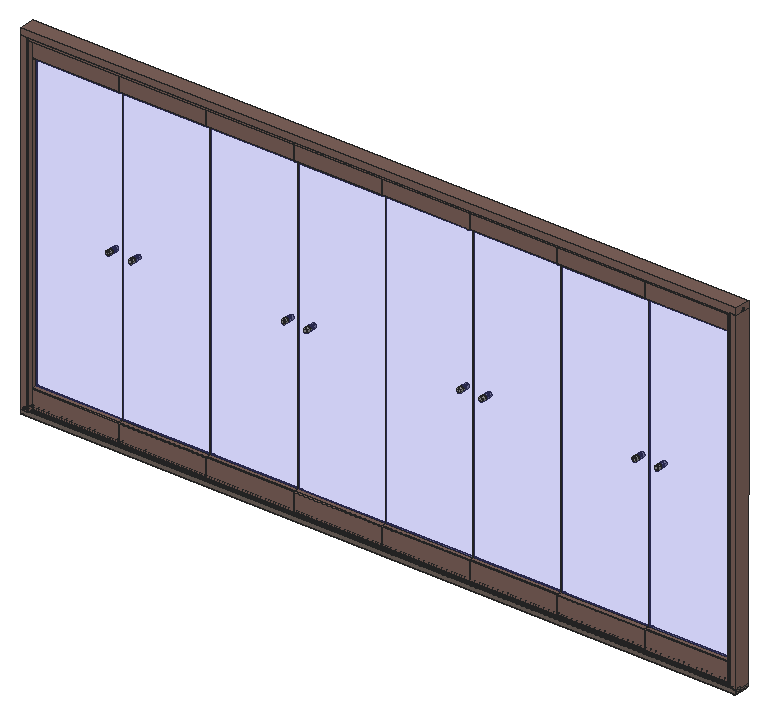
Revit family "FL8L 2385 LH", category Doors, host Wall, Revit 2015
Parameters (values of type "FL8L 2385 LH")
  Function = Interior
  Frame Projection Ext. = 25 mm
  Frame Projection Int. = 25 mm
  Frame Width = 75 mm
  Height = 2385 mm
  Wall Closure = By host
  Width = 4930 mm
Reference planes
  plane 1: y = 0
  plane 2 "Center (Left/Right)": x = 0
  plane 3 "Left": x = -2465
  plane 4 "Right": x = 2465
  plane 5: z = 2385
  plane 6 "Exterior": y = 75
  plane 7 "Interior": y = -75
  plane 8: x = 2420
  plane 9: x = 2414
  plane 10: x = 1814
  plane 11: x = 1810
  plane 12: x = 1210
  plane 13: x = 1206
  plane 14: x = 606
  plane 15: x = 602
  plane 16: x = 2
  plane 17: x = -2
  plane 18: x = -602
  plane 19: x = -606
  plane 20: x = -1206
  plane 21: x = -1210
  plane 22: x = -1810
  plane 23: x = -1814
  plane 24: x = -2414
  plane 25: x = -2420
Forms (mm)
  Extrusion 1, solid, material "Meranti (Frameless)"
    sketch origin (0, 0, 285) x (0, 1, 0) y (0, 0, 1)
      loop
        line (52.5, 2100) -> (-52.5, 2100) -> (-52.5, 2055) -> (-6.5, 2055) -> (-6.5, 2075) -> (15.5, 2075) -> (15.5, 2055) -> (52.5, 2055) -> (52.5, 2100)
    from -2465 to 2465
  Extrusion 2, solid, material "Steel, Chrome Plated"
    sketch origin (667.231, -1.5, 285) x (0, 1, 0) y (0, 0, 1)
      loop
        line (16.5, 2075) -> (-4.5, 2075) -> (-4.5, 2055) -> (-2.3, 2055) -> (-2.3, 2072.8) -> (14.3, 2072.8) -> (14.3, 2055) -> (16.5, 2055) -> (16.5, 2075)
    from -3132.231 to 1797.769
  Extrusion 3, solid, material "Meranti (Frameless)"
    sketch origin (0, 0, 0) x (1, 0, 0) y (0, 1, 0)
      loop
        line (-2465, 52.5) -> (-2465, -52.5) -> (-2420, -52.5) -> (-2420, 24.5) -> (-2432, 24.5) -> (-2432, 52.5) -> (-2465, 52.5)
      loop
        line (2465, 52.5) -> (2432, 52.5) -> (2432, 24.5) -> (2420, 24.5) -> (2420, -52.5) -> (2465, -52.5) -> (2465, 52.5)
    from 32 to 2340
  Extrusion 4, solid, material "Aluminium Cill (Bronze)"
    sketch origin (0, 79.18, -119.746) x (0, 1, 0) y (0, 0, 1)
      loop
        line (-26.68, 120.746) -> (-26.68, 135.746)
        arc (-26.68, 135.746) -> (-27.558, 137.867) -> (-29.68, 138.746) r 3
        line (-29.68, 138.746) -> (-40.947, 138.746)
        arc (-40.947, 138.746) -> (-42.68, 137.746) -> (-44.412, 138.746) r 2
        line (-44.412, 138.746) -> (-48.947, 138.746)
        arc (-48.947, 138.746) -> (-50.68, 137.746) -> (-52.412, 138.746) r 2
        line (-52.412, 138.746) -> (-56.947, 138.746)
        arc (-56.947, 138.746) -> (-58.68, 137.746) -> (-60.412, 138.746) r 2
        line (-60.412, 138.746) -> (-67.18, 138.746) -> (-67.18, 135.246)
        arc (-67.18, 135.246) -> (-67.619, 134.185) -> (-68.68, 133.746) r 1.5
        line (-68.68, 133.746) -> (-73.43, 133.746) -> (-73.43, 135.746) -> (-71.996, 135.746)
        arc (-71.996, 135.746) -> (-74.68, 138.746) -> (-77.363, 135.746) r 2.7
        line (-77.363, 135.746) -> (-75.93, 135.746) -> (-75.93, 133.746) -> (-80.68, 133.746)
        arc (-80.68, 133.746) -> (-81.74, 134.185) -> (-82.18, 135.246) r 1.5
        line (-82.18, 135.246) -> (-82.18, 138.746) -> (-90.432, 138.746) -> (-98.68, 138.746) -> (-98.68, 143.746)
        arc (-98.68, 143.746) -> (-99.18, 144.246) -> (-99.68, 143.746) r 0.5
        line (-99.68, 143.746) -> (-99.68, 142.734) -> (-100.88, 142.734) -> (-100.88, 150.246) -> (-99.68, 150.246) -> (-99.68, 149.246)
        arc (-99.68, 149.246) -> (-99.18, 148.746) -> (-98.68, 149.246) r 0.5
        line (-98.68, 149.246) -> (-98.68, 150.746)
        arc (-98.68, 150.746) -> (-98.972, 151.453) -> (-99.68, 151.746) r 1
        line (-99.68, 151.746) -> (-109.447, 151.746)
        arc (-109.447, 151.746) -> (-111.18, 150.746) -> (-112.912, 151.746) r 2
        line (-112.912, 151.746) -> (-117.447, 151.746)
        arc (-117.447, 151.746) -> (-119.18, 150.746) -> (-120.912, 151.746) r 2
        line (-120.912, 151.746) -> (-130.68, 151.746)
        arc (-130.68, 151.746) -> (-131.387, 151.453) -> (-131.68, 150.746) r 1
        line (-131.68, 150.746) -> (-131.68, 120.746)
        arc (-131.68, 120.746) -> (-131.387, 120.039) -> (-130.68, 119.746) r 1
        line (-130.68, 119.746) -> (-27.68, 119.746)
        arc (-27.68, 119.746) -> (-26.972, 120.039) -> (-26.68, 120.746) r 1
      loop
        line (-29.68, 137.246) -> (-40.23, 137.246)
        arc (-40.23, 137.246) -> (-42.68, 136.246) -> (-45.129, 137.246) r 3.5
        line (-45.129, 137.246) -> (-48.23, 137.246)
        arc (-48.23, 137.246) -> (-50.68, 136.246) -> (-53.129, 137.246) r 3.5
        line (-53.129, 137.246) -> (-56.23, 137.246)
        arc (-56.23, 137.246) -> (-58.68, 136.246) -> (-61.129, 137.246) r 3.5
        line (-61.129, 137.246) -> (-65.68, 137.246) -> (-65.68, 135.246)
        arc (-65.68, 135.246) -> (-66.558, 133.125) -> (-68.68, 132.246) r 3
        line (-68.68, 132.246) -> (-73.93, 132.246) -> (-73.93, 121.246) -> (-28.18, 121.246) -> (-28.18, 135.746)
        arc (-28.18, 135.746) -> (-28.619, 136.807) -> (-29.68, 137.246) r 1.5
      loop
        line (-75.43, 132.246) -> (-80.68, 132.246)
        arc (-80.68, 132.246) -> (-82.801, 133.125) -> (-83.68, 135.246) r 3
        line (-83.68, 135.246) -> (-83.68, 137.246) -> (-98.68, 137.246) -> (-98.68, 121.246) -> (-75.43, 121.246) -> (-75.43, 132.246)
      loop
        line (-100.18, 121.246) -> (-100.18, 141.246) -> (-102.38, 141.246) -> (-102.38, 150.246) -> (-108.73, 150.246)
        arc (-108.73, 150.246) -> (-111.18, 149.246) -> (-113.629, 150.246) r 3.5
        line (-113.629, 150.246) -> (-116.73, 150.246)
        arc (-116.73, 150.246) -> (-119.18, 149.246) -> (-121.629, 150.246) r 3.5
        line (-121.629, 150.246) -> (-130.18, 150.246) -> (-130.18, 121.246) -> (-100.18, 121.246)
    from -2465 to 2465
  Extrusion 5, solid, material "Meranti (Frameless)"
    sketch origin (0, 0, 0) x (1, 0, 0) y (0, 1, 0)
      loop
        line (-2465, 52.5) -> (-2465, -19.5) -> (-2420, -19.5) -> (-2420, 24.5) -> (-2432, 24.5) -> (-2432, 52.5) -> (-2465, 52.5)
      loop
        line (2465, 52.5) -> (2432, 52.5) -> (2432, 24.5) -> (2420, 24.5) -> (2420, -19.5) -> (2465, -19.5) -> (2465, 52.5)
    from 19 to 32
  Extrusion 6, solid, material "Meranti (Frameless)"
    sketch origin (0, 0, 285) x (0, 1, 0) y (0, 0, 1)
      loop
        line (-52.5, 2052) -> (-52.5, 2042) -> (-26.5, 2042) -> (-26.5, 2045.5) -> (-33.5, 2045.5) -> (-33.5, 2048.5) -> (-26.5, 2048.5) -> (-26.5, 2055) -> (-49.5, 2055) -> (-49.5, 2052) -> (-52.5, 2052)
    from -2420 to 2420
  Extrusion 7, solid, material "Meranti (Frameless)"
    sketch origin (0, 0, 285) x (1, 0, 0) y (0, 1, 0)
      loop
        line (-2417, -52.5) -> (-2407, -52.5) -> (-2407, -26.5) -> (-2410.5, -26.5) -> (-2410.5, -33.5) -> (-2413.5, -33.5) -> (-2413.5, -26.5) -> (-2420, -26.5) -> (-2420, -49.5) -> (-2417, -49.5) -> (-2417, -52.5)
      loop
        line (2417, -52.5) -> (2417, -49.5) -> (2420, -49.5) -> (2420, -26.5) -> (2413.5, -26.5) -> (2413.5, -33.5) -> (2410.5, -33.5) -> (2410.5, -26.5) -> (2407, -26.5) -> (2407, -52.5) -> (2417, -52.5)
    from -253 to 2042
  Extrusion 8, solid, material "Meranti (Frameless)"
    sketch origin (1504, 0, 0) x (0, 1, 0) y (0, 0, 1)
      loop
        line (24.5, 24) -> (24.5, 112) -> (13, 112) -> (13, 162) -> (-15.5, 162) -> (-20.5, 157) -> (-20.5, 37) -> (-15.5, 37) -> (-15.5, 24) -> (24.5, 24)
      loop
        line (24.5, 2335) -> (-20.5, 2335) -> (-20.5, 2202) -> (-15.5, 2197) -> (13, 2197) -> (13, 2247) -> (24.5, 2247) -> (24.5, 2335)
    from 310 to 910
  Extrusion 9, solid, material "Glass"
    sketch origin (1977.601, -93.1, -804.253) x (1, 0, 0) y (0, 0, 1)
      loop
        line (-163.601, 3051.253) -> (-163.601, 916.253) -> (436.399, 916.253) -> (436.399, 3051.253) -> (-163.601, 3051.253)
    from -116.1 to -106.1
  Extrusion 10, solid, material "Rubber, Black"
    sketch origin (1506.5, 0, 0) x (0, 1, 0) y (0, 0, 1)
      loop
        line (24.5, 112) -> (24.5, 162) -> (23, 162) -> (23, 112) -> (24.5, 112)
      loop
        line (24.5, 2197) -> (24.5, 2247) -> (23, 2247) -> (23, 2197) -> (24.5, 2197)
    from 307.5 to 907.5
  Revolve 11, solid, material "Steel, S 460"
    sketch origin (1964, 0, -1800) x (0, 1, 0) y (0, 0, 1)
      loop
        line (24.5, 1941.5) -> (31.5, 1941.5) -> (31.5, 1950) -> (29.5, 1952) -> (24.5, 1952) -> (24.5, 1941.5)
      axis (31.5, 1937) -> (24.5, 1937)
    angle from 0 to 360
  Revolve 12, solid, material "Steel, S 460"
    sketch origin (2264, 0, -1800) x (0, 1, 0) y (0, 0, -1)
      loop
        line (24.5, -1941.5) -> (24.5, -1952) -> (29.5, -1952) -> (31.5, -1950) -> (31.5, -1941.5) -> (24.5, -1941.5)
      axis (31.5, -1937) -> (24.5, -1937)
    angle from 0 to 360
  Revolve 13, solid, material "Steel, S 460"
    sketch origin (1964, 0, 285) x (0, 1, 0) y (0, 0, 1)
      loop
        line (24.5, 1941.5) -> (31.5, 1941.5) -> (31.5, 1950) -> (29.5, 1952) -> (24.5, 1952) -> (24.5, 1941.5)
      axis (31.5, 1937) -> (24.5, 1937)
    angle from 0 to 360
  Revolve 14, solid, material "Steel, S 460"
    sketch origin (2264, 0, 285) x (0, 1, 0) y (0, 0, -1)
      loop
        line (24.5, -1941.5) -> (24.5, -1952) -> (29.5, -1952) -> (31.5, -1950) -> (31.5, -1941.5) -> (24.5, -1941.5)
      axis (31.5, -1937) -> (24.5, -1937)
    angle from 0 to 360
  Revolve 15, solid, material "Steel, Chrome Plated"
    sketch origin (-1889, -128.249, 152.823) x (0, 1, 0) y (0, 0, -1)
      loop
        line (151.249, -1026.677) -> (151.249, -1041.677) -> (154.249, -1041.677) -> (159.249, -1036.677) -> (164.249, -1041.677) -> (180.249, -1041.677) -> (181.249, -1040.677) -> (181.249, -1026.677) -> (151.249, -1026.677)
      axis (181.249, -1026.677) -> (151.249, -1026.677)
    angle from 0 to 360
  Revolve 16, solid, material "Steel, Chrome Plated"
    sketch origin (-1889, 164.249, 152.823) x (0, -1, 0) y (0, 0, 1)
      loop
        line (151.249, 1026.677) -> (181.249, 1026.677) -> (181.249, 1040.677) -> (180.249, 1041.677) -> (164.249, 1041.677) -> (159.249, 1036.677) -> (154.249, 1041.677) -> (151.249, 1041.677) -> (151.249, 1026.677)
      axis (181.249, 1026.677) -> (151.249, 1026.677)
    angle from 0 to 360
  Revolve 17, solid, material "Steel, Chrome Plated"
    sketch origin (-681, -128.249, 152.823) x (0, 1, 0) y (0, 0, -1)
      loop
        line (151.249, -1026.677) -> (151.249, -1041.677) -> (154.249, -1041.677) -> (159.249, -1036.677) -> (164.249, -1041.677) -> (180.249, -1041.677) -> (181.249, -1040.677) -> (181.249, -1026.677) -> (151.249, -1026.677)
      axis (181.249, -1026.677) -> (151.249, -1026.677)
    angle from 0 to 360
  Revolve 18, solid, material "Steel, Chrome Plated"
    sketch origin (-681, 164.249, 152.823) x (0, -1, 0) y (0, 0, 1)
      loop
        line (151.249, 1026.677) -> (181.249, 1026.677) -> (181.249, 1040.677) -> (180.249, 1041.677) -> (164.249, 1041.677) -> (159.249, 1036.677) -> (154.249, 1041.677) -> (151.249, 1041.677) -> (151.249, 1026.677)
      axis (181.249, 1026.677) -> (151.249, 1026.677)
    angle from 0 to 360
  Revolve 19, solid, material "Steel, Chrome Plated"
    sketch origin (527, -128.249, 152.823) x (0, 1, 0) y (0, 0, -1)
      loop
        line (151.249, -1026.677) -> (151.249, -1041.677) -> (154.249, -1041.677) -> (159.249, -1036.677) -> (164.249, -1041.677) -> (180.249, -1041.677) -> (181.249, -1040.677) -> (181.249, -1026.677) -> (151.249, -1026.677)
      axis (181.249, -1026.677) -> (151.249, -1026.677)
    angle from 0 to 360
  Revolve 20, solid, material "Steel, Chrome Plated"
    sketch origin (527, 164.249, 152.823) x (0, -1, 0) y (0, 0, 1)
      loop
        line (151.249, 1026.677) -> (181.249, 1026.677) -> (181.249, 1040.677) -> (180.249, 1041.677) -> (164.249, 1041.677) -> (159.249, 1036.677) -> (154.249, 1041.677) -> (151.249, 1041.677) -> (151.249, 1026.677)
      axis (181.249, 1026.677) -> (151.249, 1026.677)
    angle from 0 to 360
  Revolve 21, solid, material "Steel, Chrome Plated"
    sketch origin (1735, -128.249, 152.823) x (0, 1, 0) y (0, 0, -1)
      loop
        line (151.249, -1026.677) -> (151.249, -1041.677) -> (154.249, -1041.677) -> (159.249, -1036.677) -> (164.249, -1041.677) -> (180.249, -1041.677) -> (181.249, -1040.677) -> (181.249, -1026.677) -> (151.249, -1026.677)
      axis (181.249, -1026.677) -> (151.249, -1026.677)
    angle from 0 to 360
  Revolve 22, solid, material "Steel, Chrome Plated"
    sketch origin (1735, 164.249, 152.823) x (0, -1, 0) y (0, 0, 1)
      loop
        line (151.249, 1026.677) -> (181.249, 1026.677) -> (181.249, 1040.677) -> (180.249, 1041.677) -> (164.249, 1041.677) -> (159.249, 1036.677) -> (154.249, 1041.677) -> (151.249, 1041.677) -> (151.249, 1026.677)
      axis (181.249, 1026.677) -> (151.249, 1026.677)
    angle from 0 to 360
  Revolve 23, solid, material "Steel, Chrome Plated"
    sketch origin (-1735, -128.249, 152.823) x (0, 1, 0) y (0, 0, 1)
      loop
        line (151.249, 1026.677) -> (181.249, 1026.677) -> (181.249, 1040.677) -> (180.249, 1041.677) -> (164.249, 1041.677) -> (159.249, 1036.677) -> (154.249, 1041.677) -> (151.249, 1041.677) -> (151.249, 1026.677)
      axis (181.249, 1026.677) -> (151.249, 1026.677)
    angle from 0 to 360
  Revolve 24, solid, material "Steel, Chrome Plated"
    sketch origin (-527, -128.249, 152.823) x (0, 1, 0) y (0, 0, 1)
      loop
        line (151.249, 1026.677) -> (181.249, 1026.677) -> (181.249, 1040.677) -> (180.249, 1041.677) -> (164.249, 1041.677) -> (159.249, 1036.677) -> (154.249, 1041.677) -> (151.249, 1041.677) -> (151.249, 1026.677)
      axis (181.249, 1026.677) -> (151.249, 1026.677)
    angle from 0 to 360
  Revolve 25, solid, material "Steel, Chrome Plated"
    sketch origin (681, -128.249, 152.823) x (0, 1, 0) y (0, 0, 1)
      loop
        line (151.249, 1026.677) -> (181.249, 1026.677) -> (181.249, 1040.677) -> (180.249, 1041.677) -> (164.249, 1041.677) -> (159.249, 1036.677) -> (154.249, 1041.677) -> (151.249, 1041.677) -> (151.249, 1026.677)
      axis (181.249, 1026.677) -> (151.249, 1026.677)
    angle from 0 to 360
  Revolve 26, solid, material "Steel, Chrome Plated"
    sketch origin (1889, -128.249, 152.823) x (0, 1, 0) y (0, 0, 1)
      loop
        line (151.249, 1026.677) -> (181.249, 1026.677) -> (181.249, 1040.677) -> (180.249, 1041.677) -> (164.249, 1041.677) -> (159.249, 1036.677) -> (154.249, 1041.677) -> (151.249, 1041.677) -> (151.249, 1026.677)
      axis (181.249, 1026.677) -> (151.249, 1026.677)
    angle from 0 to 360
  Revolve 27, solid, material "Steel, Chrome Plated"
    sketch origin (-1735, 164.249, 152.823) x (0, -1, 0) y (0, 0, -1)
      loop
        line (151.249, -1026.677) -> (151.249, -1041.677) -> (154.249, -1041.677) -> (159.249, -1036.677) -> (164.249, -1041.677) -> (180.249, -1041.677) -> (181.249, -1040.677) -> (181.249, -1026.677) -> (151.249, -1026.677)
      axis (181.249, -1026.677) -> (151.249, -1026.677)
    angle from 0 to 360
  Revolve 28, solid, material "Steel, Chrome Plated"
    sketch origin (-527, 164.249, 152.823) x (0, -1, 0) y (0, 0, -1)
      loop
        line (151.249, -1026.677) -> (151.249, -1041.677) -> (154.249, -1041.677) -> (159.249, -1036.677) -> (164.249, -1041.677) -> (180.249, -1041.677) -> (181.249, -1040.677) -> (181.249, -1026.677) -> (151.249, -1026.677)
      axis (181.249, -1026.677) -> (151.249, -1026.677)
    angle from 0 to 360
  Revolve 29, solid, material "Steel, Chrome Plated"
    sketch origin (681, 164.249, 152.823) x (0, -1, 0) y (0, 0, -1)
      loop
        line (151.249, -1026.677) -> (151.249, -1041.677) -> (154.249, -1041.677) -> (159.249, -1036.677) -> (164.249, -1041.677) -> (180.249, -1041.677) -> (181.249, -1040.677) -> (181.249, -1026.677) -> (151.249, -1026.677)
      axis (181.249, -1026.677) -> (151.249, -1026.677)
    angle from 0 to 360
  Revolve 30, solid, material "Steel, Chrome Plated"
    sketch origin (1889, 164.249, 152.823) x (0, -1, 0) y (0, 0, -1)
      loop
        line (151.249, -1026.677) -> (151.249, -1041.677) -> (154.249, -1041.677) -> (159.249, -1036.677) -> (164.249, -1041.677) -> (180.249, -1041.677) -> (181.249, -1040.677) -> (181.249, -1026.677) -> (151.249, -1026.677)
      axis (181.249, -1026.677) -> (151.249, -1026.677)
    angle from 0 to 360
  Extrusion 31, solid, material "Meranti (Frameless)"
    sketch origin (900, 0, 0) x (0, 1, 0) y (0, 0, 1)
      loop
        line (24.5, 24) -> (24.5, 112) -> (13, 112) -> (13, 162) -> (-15.5, 162) -> (-20.5, 157) -> (-20.5, 37) -> (-15.5, 37) -> (-15.5, 24) -> (24.5, 24)
      loop
        line (24.5, 2335) -> (-20.5, 2335) -> (-20.5, 2202) -> (-15.5, 2197) -> (13, 2197) -> (13, 2247) -> (24.5, 2247) -> (24.5, 2335)
    from 310 to 910
  Extrusion 32, solid, material "Glass"
    sketch origin (1373.601, -93.1, -804.253) x (1, 0, 0) y (0, 0, 1)
      loop
        line (-163.601, 3051.253) -> (-163.601, 916.253) -> (436.399, 916.253) -> (436.399, 3051.253) -> (-163.601, 3051.253)
    from -116.1 to -106.1
  Extrusion 33, solid, material "Rubber, Black"
    sketch origin (902.5, 0, 0) x (0, 1, 0) y (0, 0, 1)
      loop
        line (24.5, 112) -> (24.5, 162) -> (23, 162) -> (23, 112) -> (24.5, 112)
      loop
        line (24.5, 2197) -> (24.5, 2247) -> (23, 2247) -> (23, 2197) -> (24.5, 2197)
    from 307.5 to 907.5
  Revolve 34, solid, material "Steel, S 460"
    sketch origin (1360, 0, -1800) x (0, 1, 0) y (0, 0, 1)
      loop
        line (24.5, 1941.5) -> (31.5, 1941.5) -> (31.5, 1950) -> (29.5, 1952) -> (24.5, 1952) -> (24.5, 1941.5)
      axis (31.5, 1937) -> (24.5, 1937)
    angle from 0 to 360
  Revolve 35, solid, material "Steel, S 460"
    sketch origin (1660, 0, -1800) x (0, 1, 0) y (0, 0, -1)
      loop
        line (24.5, -1941.5) -> (24.5, -1952) -> (29.5, -1952) -> (31.5, -1950) -> (31.5, -1941.5) -> (24.5, -1941.5)
      axis (31.5, -1937) -> (24.5, -1937)
    angle from 0 to 360
  Revolve 36, solid, material "Steel, S 460"
    sketch origin (1360, 0, 285) x (0, 1, 0) y (0, 0, 1)
      loop
        line (24.5, 1941.5) -> (31.5, 1941.5) -> (31.5, 1950) -> (29.5, 1952) -> (24.5, 1952) -> (24.5, 1941.5)
      axis (31.5, 1937) -> (24.5, 1937)
    angle from 0 to 360
  Revolve 37, solid, material "Steel, S 460"
    sketch origin (1660, 0, 285) x (0, 1, 0) y (0, 0, -1)
      loop
        line (24.5, -1941.5) -> (24.5, -1952) -> (29.5, -1952) -> (31.5, -1950) -> (31.5, -1941.5) -> (24.5, -1941.5)
      axis (31.5, -1937) -> (24.5, -1937)
    angle from 0 to 360
  Extrusion 38, solid, material "Meranti (Frameless)"
    sketch origin (296, 0, 0) x (0, 1, 0) y (0, 0, 1)
      loop
        line (24.5, 24) -> (24.5, 112) -> (13, 112) -> (13, 162) -> (-15.5, 162) -> (-20.5, 157) -> (-20.5, 37) -> (-15.5, 37) -> (-15.5, 24) -> (24.5, 24)
      loop
        line (24.5, 2335) -> (-20.5, 2335) -> (-20.5, 2202) -> (-15.5, 2197) -> (13, 2197) -> (13, 2247) -> (24.5, 2247) -> (24.5, 2335)
    from 310 to 910
  Extrusion 39, solid, material "Glass"
    sketch origin (769.601, -93.1, -804.253) x (1, 0, 0) y (0, 0, 1)
      loop
        line (-163.601, 3051.253) -> (-163.601, 916.253) -> (436.399, 916.253) -> (436.399, 3051.253) -> (-163.601, 3051.253)
    from -116.1 to -106.1
  Extrusion 40, solid, material "Rubber, Black"
    sketch origin (298.5, 0, 0) x (0, 1, 0) y (0, 0, 1)
      loop
        line (24.5, 112) -> (24.5, 162) -> (23, 162) -> (23, 112) -> (24.5, 112)
      loop
        line (24.5, 2197) -> (24.5, 2247) -> (23, 2247) -> (23, 2197) -> (24.5, 2197)
    from 307.5 to 907.5
  Revolve 41, solid, material "Steel, S 460"
    sketch origin (756, 0, -1800) x (0, 1, 0) y (0, 0, 1)
      loop
        line (24.5, 1941.5) -> (31.5, 1941.5) -> (31.5, 1950) -> (29.5, 1952) -> (24.5, 1952) -> (24.5, 1941.5)
      axis (31.5, 1937) -> (24.5, 1937)
    angle from 0 to 360
  Revolve 42, solid, material "Steel, S 460"
    sketch origin (1056, 0, -1800) x (0, 1, 0) y (0, 0, -1)
      loop
        line (24.5, -1941.5) -> (24.5, -1952) -> (29.5, -1952) -> (31.5, -1950) -> (31.5, -1941.5) -> (24.5, -1941.5)
      axis (31.5, -1937) -> (24.5, -1937)
    angle from 0 to 360
  Revolve 43, solid, material "Steel, S 460"
    sketch origin (756, 0, 285) x (0, 1, 0) y (0, 0, 1)
      loop
        line (24.5, 1941.5) -> (31.5, 1941.5) -> (31.5, 1950) -> (29.5, 1952) -> (24.5, 1952) -> (24.5, 1941.5)
      axis (31.5, 1937) -> (24.5, 1937)
    angle from 0 to 360
  Revolve 44, solid, material "Steel, S 460"
    sketch origin (1056, 0, 285) x (0, 1, 0) y (0, 0, -1)
      loop
        line (24.5, -1941.5) -> (24.5, -1952) -> (29.5, -1952) -> (31.5, -1950) -> (31.5, -1941.5) -> (24.5, -1941.5)
      axis (31.5, -1937) -> (24.5, -1937)
    angle from 0 to 360
  Extrusion 45, solid, material "Meranti (Frameless)"
    sketch origin (-308, 0, 0) x (0, 1, 0) y (0, 0, 1)
      loop
        line (24.5, 24) -> (24.5, 112) -> (13, 112) -> (13, 162) -> (-15.5, 162) -> (-20.5, 157) -> (-20.5, 37) -> (-15.5, 37) -> (-15.5, 24) -> (24.5, 24)
      loop
        line (24.5, 2335) -> (-20.5, 2335) -> (-20.5, 2202) -> (-15.5, 2197) -> (13, 2197) -> (13, 2247) -> (24.5, 2247) -> (24.5, 2335)
    from 310 to 910
  Extrusion 46, solid, material "Glass"
    sketch origin (165.601, -93.1, -804.253) x (1, 0, 0) y (0, 0, 1)
      loop
        line (-163.601, 3051.253) -> (-163.601, 916.253) -> (436.399, 916.253) -> (436.399, 3051.253) -> (-163.601, 3051.253)
    from -116.1 to -106.1
  Extrusion 47, solid, material "Rubber, Black"
    sketch origin (-305.5, 0, 0) x (0, 1, 0) y (0, 0, 1)
      loop
        line (24.5, 112) -> (24.5, 162) -> (23, 162) -> (23, 112) -> (24.5, 112)
      loop
        line (24.5, 2197) -> (24.5, 2247) -> (23, 2247) -> (23, 2197) -> (24.5, 2197)
    from 307.5 to 907.5
  Revolve 48, solid, material "Steel, S 460"
    sketch origin (152, 0, -1800) x (0, 1, 0) y (0, 0, 1)
      loop
        line (24.5, 1941.5) -> (31.5, 1941.5) -> (31.5, 1950) -> (29.5, 1952) -> (24.5, 1952) -> (24.5, 1941.5)
      axis (31.5, 1937) -> (24.5, 1937)
    angle from 0 to 360
  Revolve 49, solid, material "Steel, S 460"
    sketch origin (452, 0, -1800) x (0, 1, 0) y (0, 0, -1)
      loop
        line (24.5, -1941.5) -> (24.5, -1952) -> (29.5, -1952) -> (31.5, -1950) -> (31.5, -1941.5) -> (24.5, -1941.5)
      axis (31.5, -1937) -> (24.5, -1937)
    angle from 0 to 360
  Revolve 50, solid, material "Steel, S 460"
    sketch origin (152, 0, 285) x (0, 1, 0) y (0, 0, 1)
      loop
        line (24.5, 1941.5) -> (31.5, 1941.5) -> (31.5, 1950) -> (29.5, 1952) -> (24.5, 1952) -> (24.5, 1941.5)
      axis (31.5, 1937) -> (24.5, 1937)
    angle from 0 to 360
  Revolve 51, solid, material "Steel, S 460"
    sketch origin (452, 0, 285) x (0, 1, 0) y (0, 0, -1)
      loop
        line (24.5, -1941.5) -> (24.5, -1952) -> (29.5, -1952) -> (31.5, -1950) -> (31.5, -1941.5) -> (24.5, -1941.5)
      axis (31.5, -1937) -> (24.5, -1937)
    angle from 0 to 360
  Extrusion 52, solid, material "Meranti (Frameless)"
    sketch origin (-912, 0, 0) x (0, 1, 0) y (0, 0, 1)
      loop
        line (24.5, 24) -> (24.5, 112) -> (13, 112) -> (13, 162) -> (-15.5, 162) -> (-20.5, 157) -> (-20.5, 37) -> (-15.5, 37) -> (-15.5, 24) -> (24.5, 24)
      loop
        line (24.5, 2335) -> (-20.5, 2335) -> (-20.5, 2202) -> (-15.5, 2197) -> (13, 2197) -> (13, 2247) -> (24.5, 2247) -> (24.5, 2335)
    from 310 to 910
  Extrusion 53, solid, material "Glass"
    sketch origin (-438.399, -93.1, -804.253) x (1, 0, 0) y (0, 0, 1)
      loop
        line (-163.601, 3051.253) -> (-163.601, 916.253) -> (436.399, 916.253) -> (436.399, 3051.253) -> (-163.601, 3051.253)
    from -116.1 to -106.1
  Extrusion 54, solid, material "Rubber, Black"
    sketch origin (-909.5, 0, 0) x (0, 1, 0) y (0, 0, 1)
      loop
        line (24.5, 112) -> (24.5, 162) -> (23, 162) -> (23, 112) -> (24.5, 112)
      loop
        line (24.5, 2197) -> (24.5, 2247) -> (23, 2247) -> (23, 2197) -> (24.5, 2197)
    from 307.5 to 907.5
  Revolve 55, solid, material "Steel, S 460"
    sketch origin (-452, 0, -1800) x (0, 1, 0) y (0, 0, 1)
      loop
        line (24.5, 1941.5) -> (31.5, 1941.5) -> (31.5, 1950) -> (29.5, 1952) -> (24.5, 1952) -> (24.5, 1941.5)
      axis (31.5, 1937) -> (24.5, 1937)
    angle from 0 to 360
  Revolve 56, solid, material "Steel, S 460"
    sketch origin (-152, 0, -1800) x (0, 1, 0) y (0, 0, -1)
      loop
        line (24.5, -1941.5) -> (24.5, -1952) -> (29.5, -1952) -> (31.5, -1950) -> (31.5, -1941.5) -> (24.5, -1941.5)
      axis (31.5, -1937) -> (24.5, -1937)
    angle from 0 to 360
  Revolve 57, solid, material "Steel, S 460"
    sketch origin (-452, 0, 285) x (0, 1, 0) y (0, 0, 1)
      loop
        line (24.5, 1941.5) -> (31.5, 1941.5) -> (31.5, 1950) -> (29.5, 1952) -> (24.5, 1952) -> (24.5, 1941.5)
      axis (31.5, 1937) -> (24.5, 1937)
    angle from 0 to 360
  Revolve 58, solid, material "Steel, S 460"
    sketch origin (-152, 0, 285) x (0, 1, 0) y (0, 0, -1)
      loop
        line (24.5, -1941.5) -> (24.5, -1952) -> (29.5, -1952) -> (31.5, -1950) -> (31.5, -1941.5) -> (24.5, -1941.5)
      axis (31.5, -1937) -> (24.5, -1937)
    angle from 0 to 360
  Extrusion 59, solid, material "Meranti (Frameless)"
    sketch origin (-1516, 0, 0) x (0, 1, 0) y (0, 0, 1)
      loop
        line (24.5, 24) -> (24.5, 112) -> (13, 112) -> (13, 162) -> (-15.5, 162) -> (-20.5, 157) -> (-20.5, 37) -> (-15.5, 37) -> (-15.5, 24) -> (24.5, 24)
      loop
        line (24.5, 2335) -> (-20.5, 2335) -> (-20.5, 2202) -> (-15.5, 2197) -> (13, 2197) -> (13, 2247) -> (24.5, 2247) -> (24.5, 2335)
    from 310 to 910
  Extrusion 60, solid, material "Glass"
    sketch origin (-1042.399, -93.1, -804.253) x (1, 0, 0) y (0, 0, 1)
      loop
        line (-163.601, 3051.253) -> (-163.601, 916.253) -> (436.399, 916.253) -> (436.399, 3051.253) -> (-163.601, 3051.253)
    from -116.1 to -106.1
  Extrusion 61, solid, material "Rubber, Black"
    sketch origin (-1513.5, 0, 0) x (0, 1, 0) y (0, 0, 1)
      loop
        line (24.5, 112) -> (24.5, 162) -> (23, 162) -> (23, 112) -> (24.5, 112)
      loop
        line (24.5, 2197) -> (24.5, 2247) -> (23, 2247) -> (23, 2197) -> (24.5, 2197)
    from 307.5 to 907.5
  Revolve 62, solid, material "Steel, S 460"
    sketch origin (-1056, 0, -1800) x (0, 1, 0) y (0, 0, 1)
      loop
        line (24.5, 1941.5) -> (31.5, 1941.5) -> (31.5, 1950) -> (29.5, 1952) -> (24.5, 1952) -> (24.5, 1941.5)
      axis (31.5, 1937) -> (24.5, 1937)
    angle from 0 to 360
  Revolve 63, solid, material "Steel, S 460"
    sketch origin (-756, 0, -1800) x (0, 1, 0) y (0, 0, -1)
      loop
        line (24.5, -1941.5) -> (24.5, -1952) -> (29.5, -1952) -> (31.5, -1950) -> (31.5, -1941.5) -> (24.5, -1941.5)
      axis (31.5, -1937) -> (24.5, -1937)
    angle from 0 to 360
  Revolve 64, solid, material "Steel, S 460"
    sketch origin (-1056, 0, 285) x (0, 1, 0) y (0, 0, 1)
      loop
        line (24.5, 1941.5) -> (31.5, 1941.5) -> (31.5, 1950) -> (29.5, 1952) -> (24.5, 1952) -> (24.5, 1941.5)
      axis (31.5, 1937) -> (24.5, 1937)
    angle from 0 to 360
  Revolve 65, solid, material "Steel, S 460"
    sketch origin (-756, 0, 285) x (0, 1, 0) y (0, 0, -1)
      loop
        line (24.5, -1941.5) -> (24.5, -1952) -> (29.5, -1952) -> (31.5, -1950) -> (31.5, -1941.5) -> (24.5, -1941.5)
      axis (31.5, -1937) -> (24.5, -1937)
    angle from 0 to 360
  Extrusion 66, solid, material "Meranti (Frameless)"
    sketch origin (-2120, 0, 0) x (0, 1, 0) y (0, 0, 1)
      loop
        line (24.5, 24) -> (24.5, 112) -> (13, 112) -> (13, 162) -> (-15.5, 162) -> (-20.5, 157) -> (-20.5, 37) -> (-15.5, 37) -> (-15.5, 24) -> (24.5, 24)
      loop
        line (24.5, 2335) -> (-20.5, 2335) -> (-20.5, 2202) -> (-15.5, 2197) -> (13, 2197) -> (13, 2247) -> (24.5, 2247) -> (24.5, 2335)
    from 310 to 910
  Extrusion 67, solid, material "Glass"
    sketch origin (-1646.399, -93.1, -804.253) x (1, 0, 0) y (0, 0, 1)
      loop
        line (-163.601, 3051.253) -> (-163.601, 916.253) -> (436.399, 916.253) -> (436.399, 3051.253) -> (-163.601, 3051.253)
    from -116.1 to -106.1
  Extrusion 68, solid, material "Rubber, Black"
    sketch origin (-2117.5, 0, 0) x (0, 1, 0) y (0, 0, 1)
      loop
        line (24.5, 112) -> (24.5, 162) -> (23, 162) -> (23, 112) -> (24.5, 112)
      loop
        line (24.5, 2197) -> (24.5, 2247) -> (23, 2247) -> (23, 2197) -> (24.5, 2197)
    from 307.5 to 907.5
  Revolve 69, solid, material "Steel, S 460"
    sketch origin (-1660, 0, -1800) x (0, 1, 0) y (0, 0, 1)
      loop
        line (24.5, 1941.5) -> (31.5, 1941.5) -> (31.5, 1950) -> (29.5, 1952) -> (24.5, 1952) -> (24.5, 1941.5)
      axis (31.5, 1937) -> (24.5, 1937)
    angle from 0 to 360
  Revolve 70, solid, material "Steel, S 460"
    sketch origin (-1360, 0, -1800) x (0, 1, 0) y (0, 0, -1)
      loop
        line (24.5, -1941.5) -> (24.5, -1952) -> (29.5, -1952) -> (31.5, -1950) -> (31.5, -1941.5) -> (24.5, -1941.5)
      axis (31.5, -1937) -> (24.5, -1937)
    angle from 0 to 360
  Revolve 71, solid, material "Steel, S 460"
    sketch origin (-1660, 0, 285) x (0, 1, 0) y (0, 0, 1)
      loop
        line (24.5, 1941.5) -> (31.5, 1941.5) -> (31.5, 1950) -> (29.5, 1952) -> (24.5, 1952) -> (24.5, 1941.5)
      axis (31.5, 1937) -> (24.5, 1937)
    angle from 0 to 360
  Revolve 72, solid, material "Steel, S 460"
    sketch origin (-1360, 0, 285) x (0, 1, 0) y (0, 0, -1)
      loop
        line (24.5, -1941.5) -> (24.5, -1952) -> (29.5, -1952) -> (31.5, -1950) -> (31.5, -1941.5) -> (24.5, -1941.5)
      axis (31.5, -1937) -> (24.5, -1937)
    angle from 0 to 360
  Extrusion 73, solid, material "Meranti (Frameless)"
    sketch origin (-2724, 0, 0) x (0, 1, 0) y (0, 0, 1)
      loop
        line (24.5, 24) -> (24.5, 112) -> (13, 112) -> (13, 162) -> (-15.5, 162) -> (-20.5, 157) -> (-20.5, 37) -> (-15.5, 37) -> (-15.5, 24) -> (24.5, 24)
      loop
        line (24.5, 2335) -> (-20.5, 2335) -> (-20.5, 2202) -> (-15.5, 2197) -> (13, 2197) -> (13, 2247) -> (24.5, 2247) -> (24.5, 2335)
    from 310 to 910
  Extrusion 74, solid, material "Glass"
    sketch origin (-2250.399, -93.1, -804.253) x (1, 0, 0) y (0, 0, 1)
      loop
        line (-163.601, 3051.253) -> (-163.601, 916.253) -> (436.399, 916.253) -> (436.399, 3051.253) -> (-163.601, 3051.253)
    from -116.1 to -106.1
  Extrusion 75, solid, material "Rubber, Black"
    sketch origin (-2721.5, 0, 0) x (0, 1, 0) y (0, 0, 1)
      loop
        line (24.5, 112) -> (24.5, 162) -> (23, 162) -> (23, 112) -> (24.5, 112)
      loop
        line (24.5, 2197) -> (24.5, 2247) -> (23, 2247) -> (23, 2197) -> (24.5, 2197)
    from 307.5 to 907.5
  Revolve 76, solid, material "Steel, S 460"
    sketch origin (-2264, 0, -1800) x (0, 1, 0) y (0, 0, 1)
      loop
        line (24.5, 1941.5) -> (31.5, 1941.5) -> (31.5, 1950) -> (29.5, 1952) -> (24.5, 1952) -> (24.5, 1941.5)
      axis (31.5, 1937) -> (24.5, 1937)
    angle from 0 to 360
  Revolve 77, solid, material "Steel, S 460"
    sketch origin (-1964, 0, -1800) x (0, 1, 0) y (0, 0, -1)
      loop
        line (24.5, -1941.5) -> (24.5, -1952) -> (29.5, -1952) -> (31.5, -1950) -> (31.5, -1941.5) -> (24.5, -1941.5)
      axis (31.5, -1937) -> (24.5, -1937)
    angle from 0 to 360
  Revolve 78, solid, material "Steel, S 460"
    sketch origin (-2264, 0, 285) x (0, 1, 0) y (0, 0, 1)
      loop
        line (24.5, 1941.5) -> (31.5, 1941.5) -> (31.5, 1950) -> (29.5, 1952) -> (24.5, 1952) -> (24.5, 1941.5)
      axis (31.5, 1937) -> (24.5, 1937)
    angle from 0 to 360
  Revolve 79, solid, material "Steel, S 460"
    sketch origin (-1964, 0, 285) x (0, 1, 0) y (0, 0, -1)
      loop
        line (24.5, -1941.5) -> (24.5, -1952) -> (29.5, -1952) -> (31.5, -1950) -> (31.5, -1941.5) -> (24.5, -1941.5)
      axis (31.5, -1937) -> (24.5, -1937)
    angle from 0 to 360
Cuts and joins
  joined: Extrusion 3, Extrusion 5
Lines and regions (mm)
  Opening 1
    outline origin (-3050, -75, 0) x (1, 0, 0) y (0, 0, 1)
      loop
        line (585, 0) -> (5515, 0) -> (5515, 2385) -> (585, 2385) -> (585, 0)
  model lines
    curve 1: line (-1942.302, 75, 1192.5) -> (-2117.302, 75, 1192.5)
    curve 2: line (-2256.379, 75, 1192.5) -> (-2117.302, 75, 1248.691)
    curve 3: line (-2117.302, 75, 1248.691) -> (-2117.302, 75, 1136.309)
    curve 4: line (-2256.379, 75, 1192.5) -> (-2117.302, 75, 1136.309)
    curve 5: line (-1338.302, 75, 1192.5) -> (-1513.302, 75, 1192.5)
    curve 6: line (-1652.379, 75, 1192.5) -> (-1513.302, 75, 1248.691)
    curve 7: line (-1513.302, 75, 1248.691) -> (-1513.302, 75, 1136.309)
    curve 8: line (-1652.379, 75, 1192.5) -> (-1513.302, 75, 1136.309)
    curve 9: line (-734.302, 75, 1192.5) -> (-909.302, 75, 1192.5)
    curve 10: line (-1048.379, 75, 1192.5) -> (-909.302, 75, 1248.691)
    curve 11: line (-909.302, 75, 1248.691) -> (-909.302, 75, 1136.309)
    curve 12: line (-1048.379, 75, 1192.5) -> (-909.302, 75, 1136.309)
    curve 13: line (-130.302, 75, 1192.5) -> (-305.302, 75, 1192.5)
    curve 14: line (-444.379, 75, 1192.5) -> (-305.302, 75, 1248.691)
    curve 15: line (-305.302, 75, 1248.691) -> (-305.302, 75, 1136.309)
    curve 16: line (-444.379, 75, 1192.5) -> (-305.302, 75, 1136.309)
    curve 17: line (473.698, 75, 1192.5) -> (298.698, 75, 1192.5)
    curve 18: line (159.621, 75, 1192.5) -> (298.698, 75, 1248.691)
    curve 19: line (298.698, 75, 1248.691) -> (298.698, 75, 1136.309)
    curve 20: line (159.621, 75, 1192.5) -> (298.698, 75, 1136.309)
    curve 21: line (1942.302, 75, 1192.5) -> (2117.302, 75, 1192.5)
    curve 22: line (2256.379, 75, 1192.5) -> (2117.302, 75, 1248.691)
    curve 23: line (2117.302, 75, 1248.691) -> (2117.302, 75, 1136.309)
    curve 24: line (2256.379, 75, 1192.5) -> (2117.302, 75, 1136.309)
    curve 25: line (1338.302, 75, 1192.5) -> (1513.302, 75, 1192.5)
    curve 26: line (1652.379, 75, 1192.5) -> (1513.302, 75, 1248.691)
    curve 27: line (1513.302, 75, 1248.691) -> (1513.302, 75, 1136.309)
    curve 28: line (1652.379, 75, 1192.5) -> (1513.302, 75, 1136.309)
    curve 29: line (734.302, 75, 1192.5) -> (909.302, 75, 1192.5)
    curve 30: line (1048.379, 75, 1192.5) -> (909.302, 75, 1248.691)
    curve 31: line (909.302, 75, 1248.691) -> (909.302, 75, 1136.309)
    curve 32: line (1048.379, 75, 1192.5) -> (909.302, 75, 1136.309)
    curve 33: line (2416, 39.891, 0) -> (2210.788, 603.706, 0)
    curve 34: line (2210.788, 603.706, 0) -> (2168.502, 588.316, 0)
    curve 35: line (2168.502, 588.316, 0) -> (2373.714, 24.5, 0)
    curve 36: line (1920.782, 39.283, 0) -> (2126.216, 603.706, 0)
    curve 37: line (2126.216, 603.706, 0) -> (2168.502, 588.316, 0)
    curve 38: line (2168.502, 588.316, 0) -> (1963.29, 24.5, 0)
    curve 39: line (1920.782, 39.283, 0) -> (1715.349, 603.706, 0)
    curve 40: line (1715.349, 603.706, 0) -> (1673.063, 588.316, 0)
    curve 41: line (1673.063, 588.316, 0) -> (1878.275, 24.5, 0)
    curve 42: line (-2414, 39.891, 0) -> (-2208.788, 603.706, 0)
    curve 43: line (-2208.788, 603.706, 0) -> (-2166.502, 588.316, 0)
    curve 44: line (-2166.502, 588.316, 0) -> (-2371.714, 24.5, 0)
    curve 45: line (-1918.782, 39.283, 0) -> (-2124.216, 603.706, 0)
    curve 46: line (-2124.216, 603.706, 0) -> (-2166.502, 588.316, 0)
    curve 47: line (-2166.502, 588.316, 0) -> (-1961.29, 24.5, 0)
    curve 48: line (-1918.782, 39.283, 0) -> (-1713.349, 603.706, 0)
    curve 49: line (-1713.349, 603.706, 0) -> (-1671.063, 588.316, 0)
    curve 50: line (-1671.063, 588.316, 0) -> (-1876.275, 24.5, 0)
    curve 51: line (-1423.343, 39.283, 0) -> (-1217.91, 603.706, 0)
    curve 52: line (-1175.624, 588.316, 0) -> (-1380.836, 24.5, 0)
    curve 53: line (-1423.343, 39.283, 0) -> (-1628.777, 603.706, 0)
    curve 54: line (-1671.063, 588.316, 0) -> (-1465.851, 24.5, 0)
    curve 55: line (-1217.91, 603.706, 0) -> (-1175.624, 588.316, 0)
    curve 56: line (-1628.777, 603.706, 0) -> (-1671.063, 588.316, 0)
Text (mm)
  text "Exterior" at (-2295.016, 1099.543, 0), in view "Ref. Level"
  text "Exterior" at (0, 1615.38, 3698.081), in view "Left"
  text "Exterior" at (0, 1036.032, 3874.932), in view "Right"
Dimensions and locks
  equal spacing: plane 3 "Left", plane 2 "Center (Left/Right)", plane 4 "Right"
  "Width": plane 3 "Left" to plane 4 "Right"
  "Height": plane 5 to host wall
  host wall to plane 5 = 2385 mm  (x2)
  locked: plane 6 "Exterior" to host wall at 0
  locked: plane 7 "Interior" to host wall
  plane 3 "Left" to plane 4 "Right" = 4930 mm
  aligned and locked: plane 3 "Left" to Opening 1 sketch curve
  aligned and locked: plane 5 to Opening 1 sketch curve  (x2)
  aligned and locked: Opening 1 sketch curve to plane 4 "Right"
  aligned and locked: Opening 1 sketch curve to level
  aligned and locked: host wall to plane 1
  aligned and locked: Extrusion 8 to Extrusion 10  (x2)
  aligned and locked: Extrusion 31 to Extrusion 33  (x2)
  aligned and locked: Extrusion 38 to Extrusion 40  (x2)
  aligned and locked: Extrusion 45 to Extrusion 47  (x2)
  aligned and locked: Extrusion 52 to Extrusion 54  (x2)
  aligned and locked: Extrusion 59 to Extrusion 61  (x2)
  aligned and locked: Extrusion 66 to Extrusion 68  (x2)
  aligned and locked: Extrusion 73 to Extrusion 75  (x2)
Automatic sketch dimensions
  plane 24 to curve 2 = 157.621 mm
  curve 2 to curve 2 = 139.078 mm
  plane 22 to curve 6 = 157.621 mm
  curve 6 to curve 6 = 139.078 mm
  plane 20 to curve 10 = 157.621 mm
  curve 10 to curve 10 = 139.078 mm
  plane 18 to curve 14 = 157.621 mm
  curve 14 to curve 14 = 139.078 mm
  plane 16 to curve 18 = 157.621 mm
  curve 18 to curve 18 = 139.078 mm
  curve 32 to plane 13 = 296.698 mm
  curve 29 to curve 32 = 139.078 mm
  curve 28 to plane 11 = 296.698 mm
  curve 25 to curve 26 = 139.078 mm
  curve 23 to plane 9 = 296.698 mm
  curve 21 to curve 22 = 139.078 mm
  level to curve 32 = 1136.309 mm
  level to curve 24 = 1136.309 mm
  curve 20 to curve 31 = 0 mm
  level to curve 3 = 1136.309 mm
  curve 16 to curve 19 = 0 mm
  curve 27 to curve 23 = 0 mm
  curve 12 to curve 15 = 0 mm
  curve 7 to curve 11 = 0 mm
  curve 11 to curve 10 = 56.191 mm
  curve 31 to curve 30 = 56.191 mm
  curve 7 to curve 6 = 56.191 mm
  curve 15 to curve 14 = 56.191 mm
  curve 27 to curve 28 = 56.191 mm
  curve 3 to curve 4 = 56.191 mm
  curve 19 to curve 18 = 56.191 mm
  curve 23 to curve 22 = 56.191 mm
  curve 23 to curve 22 = 112.382 mm
  curve 19 to curve 19 = 112.382 mm
  curve 27 to curve 26 = 112.382 mm
  curve 15 to curve 15 = 112.382 mm
  curve 11 to curve 11 = 112.382 mm
  curve 7 to curve 7 = 112.382 mm
  curve 31 to curve 30 = 112.382 mm
  curve 3 to curve 3 = 112.382 mm
  curve 1 to plane 23 = 128.302 mm
  curve 5 to plane 21 = 128.302 mm
  curve 9 to plane 19 = 128.302 mm
  curve 13 to plane 17 = 128.302 mm
  curve 17 to plane 15 = 128.302 mm
  plane 14 to curve 29 = 128.302 mm
  plane 12 to curve 25 = 128.302 mm
  plane 10 to curve 21 = 128.302 mm
  curve 9 to curve 10 = 56.191 mm
  curve 29 to curve 30 = 56.191 mm
  curve 13 to curve 14 = 56.191 mm
  curve 5 to curve 6 = 56.191 mm
  curve 17 to curve 18 = 56.191 mm
  curve 25 to curve 26 = 56.191 mm
  curve 21 to curve 22 = 56.191 mm
  curve 1 to curve 2 = 56.191 mm
  plane 5 to Extrusion 1 sketch curve = 0 mm
  Extrusion 1 sketch curve to host wall = 22.5 mm  (x2)
  host wall to Extrusion 1 sketch curve = 6.5 mm
  Extrusion 1 sketch curve to host wall = 15.5 mm
  plane 5 to Extrusion 1 sketch curve = 25 mm
  Extrusion 1 sketch curve to Extrusion 1 sketch curve = 20 mm  (x2)
  host wall to Extrusion 2 sketch curve = 6 mm
  Extrusion 2 sketch curve to Extrusion 2 sketch curve = 2.2 mm  (x3)
  Extrusion 2 sketch curve to host wall = 12.8 mm
  plane 5 to Extrusion 2 sketch curve = 45 mm
  Extrusion 2 sketch curve to Extrusion 2 sketch curve = 0 mm
  Extrusion 2 sketch curve to Extrusion 2 sketch curve = 17.8 mm
  Extrusion 3 sketch curve to plane 3 "Left" = 0 mm
  Extrusion 3 sketch curve to plane 25 = 0 mm
  Extrusion 3 sketch curve to plane 8 = 0 mm
  Extrusion 3 sketch curve to plane 4 "Right" = 0 mm
  Extrusion 3 sketch curve to Extrusion 3 sketch curve = 12 mm  (x2)
  Extrusion 3 sketch curve to host wall = 22.5 mm  (x4)
  Extrusion 3 sketch curve to host wall = 24.5 mm  (x2)
  Extrusion 4 sketch curve to level = 0 mm
  level to Extrusion 4 sketch curve = 1 mm
  Extrusion 4 sketch curve to host wall = 22.5 mm
  Extrusion 4 sketch curve to Extrusion 4 sketch curve = 1 mm  (x7)
  Extrusion 4 sketch curve to Extrusion 4 sketch curve = 0.5 mm  (x8)
  Extrusion 4 sketch curve to Extrusion 4 sketch curve = 8.551 mm
  Extrusion 4 sketch curve to Extrusion 4 sketch curve = 0.717 mm  (x10)
  Extrusion 4 sketch curve to Extrusion 4 sketch curve = 1.732 mm  (x10)
  Extrusion 4 sketch curve to Extrusion 4 sketch curve = 0 mm  (x26)
  Extrusion 4 sketch curve to Extrusion 4 sketch curve = 3.101 mm  (x3)
  Extrusion 4 sketch curve to Extrusion 4 sketch curve = 6.351 mm
  Extrusion 4 sketch curve to Extrusion 4 sketch curve = 1.5 mm  (x15)
  Extrusion 4 sketch curve to Extrusion 4 sketch curve = 0.7 mm
  level to Extrusion 4 sketch curve = 1.5 mm  (x3)
  Extrusion 4 sketch curve to Extrusion 4 sketch curve = 1.2 mm  (x2)
  Extrusion 4 sketch curve to Extrusion 4 sketch curve = 8.248 mm
  host wall to Extrusion 4 sketch curve = 4.5 mm
  host wall to Extrusion 4 sketch curve = 1.5 mm  (x2)
  Extrusion 4 sketch curve to host wall = 1.817 mm
  Extrusion 4 sketch curve to Extrusion 4 sketch curve = 1.433 mm  (x3)
  Extrusion 4 sketch curve to host wall = 3.75 mm
  Extrusion 4 sketch curve to Extrusion 4 sketch curve = 1.25 mm  (x2)
  Extrusion 4 sketch curve to Extrusion 4 sketch curve = 3.317 mm
  Extrusion 4 sketch curve to Extrusion 4 sketch curve = 4.551 mm
  Extrusion 4 sketch curve to Extrusion 4 sketch curve = 10.551 mm
  Extrusion 4 sketch curve to Extrusion 4 sketch curve = 11 mm
  Extrusion 4 sketch curve to Extrusion 4 sketch curve = 14.5 mm
  Extrusion 4 sketch curve to Extrusion 4 sketch curve = 2 mm  (x4)
  Extrusion 4 sketch curve to Extrusion 4 sketch curve = 0.3 mm
  Extrusion 4 sketch curve to Extrusion 4 sketch curve = 2.5 mm
  Extrusion 4 sketch curve to Extrusion 4 sketch curve = 1.488 mm
  Extrusion 4 sketch curve to Extrusion 4 sketch curve = 1.012 mm
  Extrusion 4 sketch curve to Extrusion 4 sketch curve = 5.5 mm
  Extrusion 5 sketch curve to plane 3 "Left" = 0 mm
  Extrusion 5 sketch curve to plane 25 = 0 mm
  Extrusion 5 sketch curve to plane 8 = 0 mm
  Extrusion 5 sketch curve to plane 4 "Right" = 0 mm
  Extrusion 5 sketch curve to plane 25 = 12 mm
  Extrusion 5 sketch curve to Extrusion 5 sketch curve = 12 mm
  host wall to Extrusion 5 sketch curve = 19.5 mm  (x2)
  Extrusion 5 sketch curve to host wall = 24.5 mm  (x2)
  Extrusion 5 sketch curve to host wall = 22.5 mm  (x2)
  Extrusion 6 sketch curve to host wall = 22.5 mm
  Extrusion 6 sketch curve to Extrusion 6 sketch curve = 3 mm  (x3)
  Extrusion 6 sketch curve to Extrusion 6 sketch curve = 16 mm
  Extrusion 6 sketch curve to Extrusion 6 sketch curve = 7 mm
  Extrusion 6 sketch curve to Extrusion 6 sketch curve = 0 mm
  plane 5 to Extrusion 6 sketch curve = 58 mm
  Extrusion 6 sketch curve to Extrusion 6 sketch curve = 3.5 mm
  Extrusion 6 sketch curve to Extrusion 6 sketch curve = 10 mm
  Extrusion 7 sketch curve to plane 25 = 0 mm
  Extrusion 7 sketch curve to plane 8 = 0 mm
  Extrusion 7 sketch curve to plane 24 = 3 mm
  plane 24 to Extrusion 7 sketch curve = 0.5 mm
  Extrusion 7 sketch curve to Extrusion 7 sketch curve = 3 mm  (x4)
  plane 24 to Extrusion 7 sketch curve = 7 mm
  Extrusion 7 sketch curve to plane 9 = 7 mm
  Extrusion 7 sketch curve to plane 9 = 3.5 mm
  Extrusion 7 sketch curve to plane 9 = 0.5 mm
  Extrusion 7 sketch curve to host wall = 22.5 mm  (x2)
  Extrusion 7 sketch curve to Extrusion 7 sketch curve = 16 mm  (x2)
  Extrusion 7 sketch curve to Extrusion 7 sketch curve = 7 mm  (x2)
  Extrusion 7 sketch curve to Extrusion 7 sketch curve = 0 mm  (x2)
  host wall to Extrusion 8 sketch curve = 20.5 mm  (x2)
  Extrusion 8 sketch curve to Extrusion 8 sketch curve = 5 mm  (x5)
  Extrusion 8 sketch curve to host wall = 13 mm  (x2)
  Extrusion 8 sketch curve to host wall = 24.5 mm
  Extrusion 8 sketch curve to Extrusion 8 sketch curve = 11.5 mm
  level to Extrusion 8 sketch curve = 24 mm
  Extrusion 8 sketch curve to Extrusion 8 sketch curve = 13 mm
  Extrusion 8 sketch curve to Extrusion 8 sketch curve = 75 mm
  Extrusion 8 sketch curve to Extrusion 8 sketch curve = 45 mm
  plane 5 to Extrusion 8 sketch curve = 188 mm
  Extrusion 8 sketch curve to Extrusion 8 sketch curve = 50 mm
  plane 5 to Extrusion 8 sketch curve = 50 mm
  Extrusion 9 sketch curve to plane 10 = 0 mm
  Extrusion 9 sketch curve to plane 9 = 0 mm
  level to Extrusion 9 sketch curve = 112 mm
  plane 5 to Extrusion 9 sketch curve = 138 mm
  Extrusion 10 sketch curve to host wall = 23 mm  (x2)
  Extrusion 10 sketch curve to Extrusion 10 sketch curve = 1.5 mm  (x2)
  level to Extrusion 10 sketch curve = 112 mm
  Extrusion 10 sketch curve to Extrusion 10 sketch curve = 50 mm  (x2)
  plane 5 to Extrusion 10 sketch curve = 188 mm
  Revolve 11 sketch curve to host wall = 24.5 mm
  Revolve 11 sketch curve to Revolve 11 sketch curve = 5 mm
  Revolve 11 sketch curve to Revolve 11 sketch curve = 2 mm  (x2)
  level to Revolve 11 sketch curve = 141.5 mm
  Revolve 11 sketch curve to Revolve 11 sketch curve = 8.5 mm
  Revolve 11 sketch curve to Revolve 11 sketch curve = 6.469 mm
  Revolve 11 sketch curve to Revolve 11 sketch curve = 5.515 mm
  Revolve 11 sketch curve to Revolve 11 sketch curve = 4.5 mm
  Revolve 12 sketch curve to host wall = 24.5 mm
  Revolve 12 sketch curve to Revolve 12 sketch curve = 5 mm
  Revolve 12 sketch curve to Revolve 12 sketch curve = 2 mm  (x2)
  level to Revolve 12 sketch curve = 152 mm
  Revolve 12 sketch curve to Revolve 12 sketch curve = 8.5 mm
  Revolve 12 sketch curve to Revolve 12 sketch curve = 6.469 mm
  Revolve 12 sketch curve to Revolve 12 sketch curve = 5.515 mm
  Revolve 12 sketch curve to Revolve 12 sketch curve = 4.5 mm
  Revolve 13 sketch curve to host wall = 24.5 mm
  Revolve 13 sketch curve to Revolve 13 sketch curve = 5 mm
  Revolve 13 sketch curve to Revolve 13 sketch curve = 2 mm  (x2)
  plane 5 to Revolve 13 sketch curve = 158.5 mm
  Revolve 13 sketch curve to Revolve 13 sketch curve = 8.5 mm
  Revolve 13 sketch curve to Revolve 13 sketch curve = 6.469 mm
  Revolve 13 sketch curve to Revolve 13 sketch curve = 5.515 mm
  Revolve 13 sketch curve to Revolve 13 sketch curve = 4.5 mm
  Revolve 14 sketch curve to host wall = 24.5 mm
  Revolve 14 sketch curve to Revolve 14 sketch curve = 5 mm
  Revolve 14 sketch curve to Revolve 14 sketch curve = 2 mm  (x2)
  plane 5 to Revolve 14 sketch curve = 148 mm
  Revolve 14 sketch curve to Revolve 14 sketch curve = 8.5 mm
  Revolve 14 sketch curve to Revolve 14 sketch curve = 6.469 mm
  Revolve 14 sketch curve to Revolve 14 sketch curve = 5.515 mm
  Revolve 14 sketch curve to Revolve 14 sketch curve = 4.5 mm
  Revolve 15 sketch curve to host wall = 23 mm
  Revolve 15 sketch curve to Revolve 15 sketch curve = 3 mm
  Revolve 15 sketch curve to Revolve 15 sketch curve = 5 mm  (x2)
  Revolve 15 sketch curve to Revolve 15 sketch curve = 16 mm
  Revolve 15 sketch curve to Revolve 15 sketch curve = 1 mm  (x2)
  plane 5 to Revolve 15 sketch curve = 1190.5 mm
  Revolve 15 sketch curve to Revolve 15 sketch curve = 0 mm  (x4)
  Revolve 15 sketch curve to Revolve 15 sketch curve = 14 mm
  Revolve 16 sketch curve to host wall = 0 mm
  Revolve 16 sketch curve to host wall = 5 mm
  Revolve 16 sketch curve to Revolve 16 sketch curve = 5 mm
  Revolve 16 sketch curve to Revolve 16 sketch curve = 3 mm
  host wall to Revolve 16 sketch curve = 16 mm
  Revolve 16 sketch curve to Revolve 16 sketch curve = 1 mm  (x2)
  level to Revolve 16 sketch curve = 1179.5 mm
  Revolve 16 sketch curve to Revolve 16 sketch curve = 10 mm
  Revolve 16 sketch curve to Revolve 16 sketch curve = 14 mm
  Revolve 16 sketch curve to Revolve 16 sketch curve = 0 mm  (x3)
  Revolve 17 sketch curve to host wall = 23 mm
  Revolve 17 sketch curve to Revolve 17 sketch curve = 3 mm
  Revolve 17 sketch curve to Revolve 17 sketch curve = 5 mm  (x2)
  Revolve 17 sketch curve to Revolve 17 sketch curve = 16 mm
  Revolve 17 sketch curve to Revolve 17 sketch curve = 1 mm  (x2)
  plane 5 to Revolve 17 sketch curve = 1190.5 mm
  Revolve 17 sketch curve to Revolve 17 sketch curve = 0 mm  (x4)
  Revolve 17 sketch curve to Revolve 17 sketch curve = 14 mm
  Revolve 18 sketch curve to host wall = 0 mm
  Revolve 18 sketch curve to host wall = 5 mm
  Revolve 18 sketch curve to Revolve 18 sketch curve = 5 mm
  Revolve 18 sketch curve to Revolve 18 sketch curve = 3 mm
  host wall to Revolve 18 sketch curve = 16 mm
  Revolve 18 sketch curve to Revolve 18 sketch curve = 1 mm  (x2)
  level to Revolve 18 sketch curve = 1179.5 mm
  Revolve 18 sketch curve to Revolve 18 sketch curve = 10 mm
  Revolve 18 sketch curve to Revolve 18 sketch curve = 14 mm
  Revolve 18 sketch curve to Revolve 18 sketch curve = 0 mm  (x3)
  Revolve 19 sketch curve to host wall = 23 mm
  Revolve 19 sketch curve to Revolve 19 sketch curve = 3 mm
  Revolve 19 sketch curve to Revolve 19 sketch curve = 5 mm  (x2)
  Revolve 19 sketch curve to Revolve 19 sketch curve = 16 mm
  Revolve 19 sketch curve to Revolve 19 sketch curve = 1 mm  (x2)
  plane 5 to Revolve 19 sketch curve = 1190.5 mm
  Revolve 19 sketch curve to Revolve 19 sketch curve = 0 mm  (x4)
  Revolve 19 sketch curve to Revolve 19 sketch curve = 14 mm
  Revolve 20 sketch curve to host wall = 0 mm
  Revolve 20 sketch curve to host wall = 5 mm
  Revolve 20 sketch curve to Revolve 20 sketch curve = 5 mm
  Revolve 20 sketch curve to Revolve 20 sketch curve = 3 mm
  host wall to Revolve 20 sketch curve = 16 mm
  Revolve 20 sketch curve to Revolve 20 sketch curve = 1 mm  (x2)
  level to Revolve 20 sketch curve = 1179.5 mm
  Revolve 20 sketch curve to Revolve 20 sketch curve = 10 mm
  Revolve 20 sketch curve to Revolve 20 sketch curve = 14 mm
  Revolve 20 sketch curve to Revolve 20 sketch curve = 0 mm  (x3)
  Revolve 21 sketch curve to host wall = 23 mm
  Revolve 21 sketch curve to Revolve 21 sketch curve = 3 mm
  Revolve 21 sketch curve to Revolve 21 sketch curve = 5 mm  (x2)
  Revolve 21 sketch curve to Revolve 21 sketch curve = 16 mm
  Revolve 21 sketch curve to Revolve 21 sketch curve = 1 mm  (x2)
  plane 5 to Revolve 21 sketch curve = 1190.5 mm
  Revolve 21 sketch curve to Revolve 21 sketch curve = 0 mm  (x4)
  Revolve 21 sketch curve to Revolve 21 sketch curve = 14 mm
  Revolve 22 sketch curve to host wall = 0 mm
  Revolve 22 sketch curve to host wall = 5 mm
  Revolve 22 sketch curve to Revolve 22 sketch curve = 5 mm
  Revolve 22 sketch curve to Revolve 22 sketch curve = 3 mm
  host wall to Revolve 22 sketch curve = 16 mm
  Revolve 22 sketch curve to Revolve 22 sketch curve = 1 mm  (x2)
  level to Revolve 22 sketch curve = 1179.5 mm
  Revolve 22 sketch curve to Revolve 22 sketch curve = 10 mm
  Revolve 22 sketch curve to Revolve 22 sketch curve = 14 mm
  Revolve 22 sketch curve to Revolve 22 sketch curve = 0 mm  (x3)
  Revolve 23 sketch curve to host wall = 23 mm
  Revolve 23 sketch curve to Revolve 23 sketch curve = 3 mm
  Revolve 23 sketch curve to Revolve 23 sketch curve = 5 mm  (x2)
  Revolve 23 sketch curve to Revolve 23 sketch curve = 16 mm
  Revolve 23 sketch curve to Revolve 23 sketch curve = 1 mm  (x2)
  level to Revolve 23 sketch curve = 1179.5 mm
  Revolve 23 sketch curve to Revolve 23 sketch curve = 10 mm
  Revolve 23 sketch curve to Revolve 23 sketch curve = 14 mm
  Revolve 23 sketch curve to Revolve 23 sketch curve = 0 mm  (x3)
  Revolve 24 sketch curve to host wall = 23 mm
  Revolve 24 sketch curve to Revolve 24 sketch curve = 3 mm
  Revolve 24 sketch curve to Revolve 24 sketch curve = 5 mm  (x2)
  Revolve 24 sketch curve to Revolve 24 sketch curve = 16 mm
  Revolve 24 sketch curve to Revolve 24 sketch curve = 1 mm  (x2)
  level to Revolve 24 sketch curve = 1179.5 mm
  Revolve 24 sketch curve to Revolve 24 sketch curve = 10 mm
  Revolve 24 sketch curve to Revolve 24 sketch curve = 14 mm
  Revolve 24 sketch curve to Revolve 24 sketch curve = 0 mm  (x3)
  Revolve 25 sketch curve to host wall = 23 mm
  Revolve 25 sketch curve to Revolve 25 sketch curve = 3 mm
  Revolve 25 sketch curve to Revolve 25 sketch curve = 5 mm  (x2)
  Revolve 25 sketch curve to Revolve 25 sketch curve = 16 mm
  Revolve 25 sketch curve to Revolve 25 sketch curve = 1 mm  (x2)
  level to Revolve 25 sketch curve = 1179.5 mm
  Revolve 25 sketch curve to Revolve 25 sketch curve = 10 mm
  Revolve 25 sketch curve to Revolve 25 sketch curve = 14 mm
  Revolve 25 sketch curve to Revolve 25 sketch curve = 0 mm  (x3)
  Revolve 26 sketch curve to host wall = 23 mm
  Revolve 26 sketch curve to Revolve 26 sketch curve = 3 mm
  Revolve 26 sketch curve to Revolve 26 sketch curve = 5 mm  (x2)
  Revolve 26 sketch curve to Revolve 26 sketch curve = 16 mm
  Revolve 26 sketch curve to Revolve 26 sketch curve = 1 mm  (x2)
  level to Revolve 26 sketch curve = 1179.5 mm
  Revolve 26 sketch curve to Revolve 26 sketch curve = 10 mm
  Revolve 26 sketch curve to Revolve 26 sketch curve = 14 mm
  Revolve 26 sketch curve to Revolve 26 sketch curve = 0 mm  (x3)
  Revolve 27 sketch curve to host wall = 0 mm
  Revolve 27 sketch curve to host wall = 5 mm
  Revolve 27 sketch curve to Revolve 27 sketch curve = 5 mm
  Revolve 27 sketch curve to Revolve 27 sketch curve = 3 mm
  host wall to Revolve 27 sketch curve = 16 mm
  Revolve 27 sketch curve to Revolve 27 sketch curve = 1 mm  (x2)
